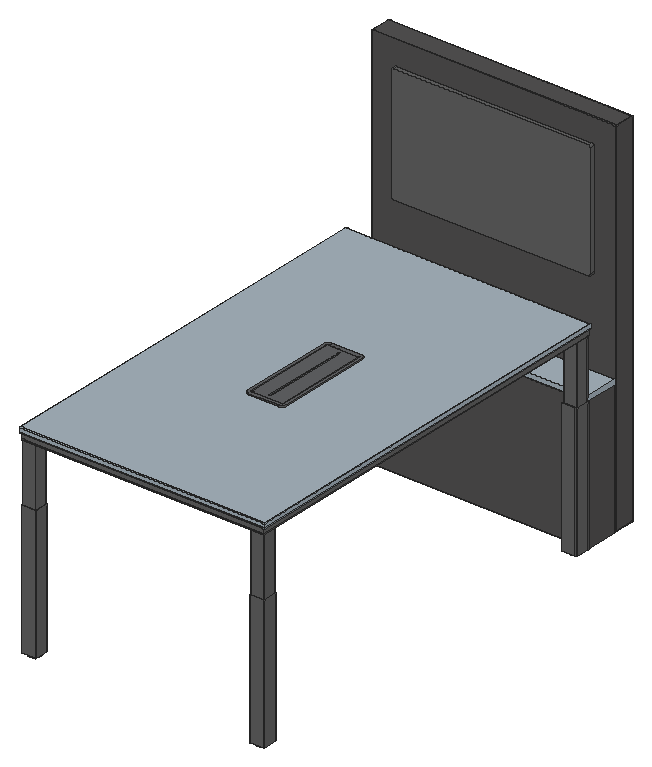
Revit family "DBLTD_TheSenatorGroup_OffcTbls_Play_AVMedia", category Furniture, Revit 2018
Family settings
  Work Plane-Based = No
  Always vertical = Yes
  Cut with Voids When Loaded = No
  Shared = Yes
  Room Calculation Point = No
Parameters (values of type "AV Media with Cutout 1200mm(w) x 2260mm(d) x 730-1220mm(h)")
  WorksurfaceArea = NominalLength * NominalDepth  # 2.712 m²
  WithCutout = yes
  WarrantyStartDate [instance] = "1900-12-31T23:59:59"
  WarrantyGuarantorParts = "15"
  WarrantyGuarantorLabor = "15"
  WarrantyDurationUnit = "Years"
  WarrantyDurationParts = "15"
  WarrantyDurationLabor = "15"
  WarrantyDescription = "Senator warrants that its manufactured products are free from manufacturing defects - in materials or workmanship - for a period of ten (10) years on Senator Seating ranges; and fifteen (15) years on Senator Desking ranges"
  Version = "1"  # constant formula
  Uniclass2015Version = "Products v1.9"
  Uniclass2015Title = "Office tables"
  Uniclass2015Code = "Pr_40_50_21_60"
  URL = "https://www.thesenatorgroup.com/"
  TagNumber [instance] = "n/a"
  TableTopThickness = 25 mm
  TableMaterial [instance] = TheSenatorGroup_Play_MFC_Denim
  TableHeight [instance] = 1000 mm
  SustainabilityPerformance = "Table top produced using FSC® certified timber"
  Style = "n/a"
  Size = "L 2260mm x  W 1200mm x  H 730-1220mm"
  Shape = "Rectangular"
  SerialNumber [instance] = "n/a"
  Revision = "n/a"
  ReplacementCost = "0"
  ProductInformation = "https://www.thesenatorgroup.com/"
  OmniClassVersion = "Table 22 2012-05-16"
  OmniClassTitle = "Office Tables"
  OmniClassCode = "22-12 51 23"
  NumberOfChairs = 5
  NominalWidth = 1200 mm
  NominalLength = NominalWidth  # 1200 mm
  NominalHeight = 1800 mm
  NominalDepth = 2260 mm
  Name = "OfficeTables_Play_AVMedia_TheSenatorGroup"
  NBSReference = "45-35-20/340"
  NBSDescription = "Office tables"
  NBSCertification = ""
  ModelReference = "AV Media with Cutout 1200mm(w) x 2260mm(d) x 730-1220mm(h)"
  ModelNumber = "PYPAE201250 + PYPIDP50AV or PYPIDP50AVS"
  Model = ModelNumber  # "PYPAE201250 + PYPIDP50AV or PYPIDP50AVS"
  Material = "MFC"
  ManufacturerURL = "https://www.thesenatorgroup.com/"
  ManufacturerName = "The Senator Group"
  Manufacturer = "The Senator Group"  # constant formula
  MainColor = "n/a"
  Keynote = "Pr_40_50_21_60"
  IntegralAccessories = "n/a"
  InstallationDate [instance] = "1900-12-31T23:59:59"
  IfcExportType = "TABLE"  # constant formula
  IfcExportAs = "IfcFurnitureType"  # constant formula
  Grade = "n/a"
  FramesColour = "Black"
  FrameSupports = "Adjustable"
  Finish = "HD Highland Oak, BH Beech, MP Maple, WH White, AT Autumn. WK Winter Oak, SO Strata Oak, MC Mocha, HW Hacienda White, DN Denim, LY Clay, LS Lemon Sorbet, LG Light Grey, CW Carini Walnut"
  Features = "Height Adjustable, with cutout for IDP"
  ExposedEdges = "Matching"
  ExpectedLife = "15"
  DurationUnit = "Years"
  DimensionsPlanSize = "1200 x 2260 mm"
  DimensionsHeight = "730 -1220mm"
  Description = "1200mm x 2260mm AV Media Table with Cutout"
  Cost = 0
  Constituents = "n/a"
  Color = "n/a"
  CodePerformance = "n/a"
  Category = "Pr_40_50_21_60:Office tables"
  BarCode [instance] = "n/a"
  BIMObjectName = "TheSenatorGroup_OfficeTables_Play_AVMedia"
  Author = "Diane Butterworth Ltd"  # constant formula
  AssetType = "Movable"
  AssetIdentifier [instance] = "n/a"
  AccessibilityPerformance = "n/a"
Types (3, lengths in mm): name | WithCutout | TableHeight | ModelReference | ModelNumber | Model | Features | Description
  (no name) | yes | 1000 | "AV Media with Cutout 1200mm(w) x 2260mm(d) x 730-1220mm(h)" | "PYPAE201250 + PYPIDP50AV or PYPIDP50AVS" | "PYPAE201250 + PYPIDP50AV or PYPIDP50AVS" | "Height Adjustable, with cutout for IDP" | "1200mm x 2260mm AV Media Table with Cutout"
  AV Media 1200mm(w) x 2260mm(d) x 730-1220mm(h) | no | 1200 | "AV Media 1200mm(w) x 2260mm(d) x 730-1220mm(h)" | "PYPAE2012" | "PYPAE2012" | "Height Adjustable" | "1200mm x 2260mm AV Media Table"
  AV Media with Cutout 1200mm(w) x 2260mm(d) x 730-1220mm(h) | yes | 1000 | "AV Media with Cutout 1200mm(w) x 2260mm(d) x 730-1220mm(h)" | "PYPAE201250 + PYPIDP50AV or PYPIDP50AVS" | "PYPAE201250 + PYPIDP50AV or PYPIDP50AVS" | "Height Adjustable, with cutout for IDP" | "1200mm x 2260mm AV Media Table with Cutout"
Reference planes
  plane 1 "n/a": y = 0
  plane 2: z = 0
  plane 3 "Center (Left/Right)": x = 0
  plane 4 "Top": z = 1000
  plane 5 "Edge1": x = -600
  plane 6 "Edge3": x = 600
  plane 7 "Edge2": y = 1130
  plane 8 "Edge4": y = -1130
  plane 9 "Edge23": y = 870
  plane 10 "Edge24": z = 975
  plane 11 "Edge25": z = 945
  plane 12: z = 7
  plane 13: z = 657
  plane 14: z = 1800
  plane 15: y = 1030
  plane 16: z = 617.1
Forms (mm)
  Extrusion 1, solid, material "TheSenatorGroup_Play_MFC_Denim" <- "TableMaterial"
    sketch origin (0, 0, 1000) x (-1, 0, 0) y (0, -1, 0)
      loop
        line (600, -870) -> (600, 1130) -> (-600, 1130) -> (-600, -870) -> (600, -870)
    from -25 to 0
  Extrusion 2, solid, material "TheSenatorGroup_Play_MetalFrame_Black"
    sketch origin (0, 0, 1000) x (-1, 0, 0) y (0, -1, 0)
      loop
        line (525, -795) -> (525, 1055) -> (-525, 1055) -> (-525, -795) -> (525, -795)
      loop
        line (595, -865) -> (595, 1125) -> (-595, 1125) -> (-595, -865) -> (595, -865)
    from -55 to -25
  Extrusion 3, solid, material "TheSenatorGroup_Play_MetalFrame_Black"
    sketch origin (0, 0, 1000) x (-1, 0, 0) y (0, -1, 0)
      loop
        arc (593, -865) -> (594.414, -864.414) -> (595, -863) r 2
        line (595, -863) -> (595, -797)
        arc (595, -797) -> (594.414, -795.586) -> (593, -795) r 2
        line (593, -795) -> (527, -795)
        arc (527, -795) -> (525.586, -795.586) -> (525, -797) r 2
        line (525, -797) -> (525, -863)
        arc (525, -863) -> (525.586, -864.414) -> (527, -865) r 2
        line (527, -865) -> (593, -865)
      loop
        line (-593, -865) -> (-527, -865)
        arc (-527, -865) -> (-525.586, -864.414) -> (-525, -863) r 2
        line (-525, -863) -> (-525, -797)
        arc (-525, -797) -> (-525.586, -795.586) -> (-527, -795) r 2
        line (-527, -795) -> (-593, -795)
        arc (-593, -795) -> (-594.414, -795.586) -> (-595, -797) r 2
        line (-595, -797) -> (-595, -863)
        arc (-595, -863) -> (-594.414, -864.414) -> (-593, -865) r 2
      loop
        line (593, 1125) -> (527, 1125)
        arc (527, 1125) -> (525.586, 1124.414) -> (525, 1123) r 2
        line (525, 1123) -> (525, 1057)
        arc (525, 1057) -> (525.586, 1055.586) -> (527, 1055) r 2
        line (527, 1055) -> (593, 1055)
        arc (593, 1055) -> (594.414, 1055.586) -> (595, 1057) r 2
        line (595, 1057) -> (595, 1123)
        arc (595, 1123) -> (594.414, 1124.414) -> (593, 1125) r 2
      loop
        arc (-593, 1125) -> (-594.414, 1124.414) -> (-595, 1123) r 2
        line (-595, 1123) -> (-595, 1057)
        arc (-595, 1057) -> (-594.414, 1055.586) -> (-593, 1055) r 2
        line (-593, 1055) -> (-527, 1055)
        arc (-527, 1055) -> (-525.586, 1055.586) -> (-525, 1057) r 2
        line (-525, 1057) -> (-525, 1123)
        arc (-525, 1123) -> (-525.586, 1124.414) -> (-527, 1125) r 2
        line (-527, 1125) -> (-593, 1125)
    from -343 to -993
  Sweep 4, void
    path in 3D
      loop
        line (-600, -1130, 1000) -> (600, -1130, 1000) -> (600, 870, 1000) -> (-600, 870, 1000) -> (-600, -1130, 1000)
    profile origin (-600, -130, 1000) x (1, 0, 0) y (0, 0, 1)
      loop
        line (0, 0) -> (0, -2)
        arc (0, -2) -> (0.586, -0.586) -> (2, 0) r 2
        line (2, 0) -> (0, 0)
      loop
        line (0, -25) -> (2, -25)
        arc (2, -25) -> (0.586, -24.414) -> (0, -23) r 2
        line (0, -23) -> (0, -25)
  Sweep 5, void
    path in 3D
      loop
        line (-595, 865, 945) -> (595, 865, 945) -> (595, -1125, 945) -> (-595, -1125, 945) -> (-595, 865, 945)
    profile origin (-595, -130, 945) x (1, 0, 0) y (0, 0, -1)
      loop
        line (0, -30) -> (2, -30)
        arc (2, -30) -> (0.586, -29.414) -> (0, -28) r 2
        line (0, -28) -> (0, -30)
      loop
        line (0, 0) -> (0, -2)
        arc (0, -2) -> (0.586, -0.586) -> (2, 0) r 2
        line (2, 0) -> (0, 0)
  Extrusion 6, solid, material "TheSenatorGroup_Play_MetalFrame_Black"
    sketch origin (0, 0, 1000) x (-1, 0, 0) y (0, -1, 0)
      loop
        arc (590.527, -862.027) -> (591.587, -861.588) -> (592.027, -860.527) r 1.5
        line (592.027, -860.527) -> (592.027, -799.5)
        arc (592.027, -799.5) -> (591.587, -798.439) -> (590.527, -798) r 1.5
        line (590.527, -798) -> (529.5, -798)
        arc (529.5, -798) -> (528.439, -798.439) -> (528, -799.5) r 1.5
        line (528, -799.5) -> (528, -860.527)
        arc (528, -860.527) -> (528.439, -861.588) -> (529.5, -862.027) r 1.5
        line (529.5, -862.027) -> (590.527, -862.027)
      loop
        line (-590.527, -862.027) -> (-529.5, -862.027)
        arc (-529.5, -862.027) -> (-528.439, -861.588) -> (-528, -860.527) r 1.5
        line (-528, -860.527) -> (-528, -799.5)
        arc (-528, -799.5) -> (-528.439, -798.439) -> (-529.5, -798) r 1.5
        line (-529.5, -798) -> (-590.527, -798)
        arc (-590.527, -798) -> (-591.587, -798.439) -> (-592.027, -799.5) r 1.5
        line (-592.027, -799.5) -> (-592.027, -860.527)
        arc (-592.027, -860.527) -> (-591.587, -861.588) -> (-590.527, -862.027) r 1.5
      loop
        line (590.527, 1122.027) -> (529.5, 1122.027)
        arc (529.5, 1122.027) -> (528.439, 1121.588) -> (528, 1120.527) r 1.5
        line (528, 1120.527) -> (528, 1059.5)
        arc (528, 1059.5) -> (528.439, 1058.439) -> (529.5, 1058) r 1.5
        line (529.5, 1058) -> (590.527, 1058)
        arc (590.527, 1058) -> (591.587, 1058.439) -> (592.027, 1059.5) r 1.5
        line (592.027, 1059.5) -> (592.027, 1120.527)
        arc (592.027, 1120.527) -> (591.587, 1121.588) -> (590.527, 1122.027) r 1.5
      loop
        arc (-590.527, 1122.027) -> (-591.587, 1121.588) -> (-592.027, 1120.527) r 1.5
        line (-592.027, 1120.527) -> (-592.027, 1059.5)
        arc (-592.027, 1059.5) -> (-591.587, 1058.439) -> (-590.527, 1058) r 1.5
        line (-590.527, 1058) -> (-529.5, 1058)
        arc (-529.5, 1058) -> (-528.439, 1058.439) -> (-528, 1059.5) r 1.5
        line (-528, 1059.5) -> (-528, 1120.527)
        arc (-528, 1120.527) -> (-528.439, 1121.588) -> (-529.5, 1122.027) r 1.5
        line (-529.5, 1122.027) -> (-590.527, 1122.027)
    from -343 to -55
  Extrusion 7, solid, material "TheSenatorGroup_Play_Wood_AnthraciteFinelineMetalic"
    sketch origin (0, 0, 1000) x (-1, 0, 0) y (0, -1, 0)
      loop
        line (600, -1130) -> (600, -1030) -> (-600, -1030) -> (-600, -1130) -> (600, -1130)
    from -985.489 to 800
  Sweep 8, void
    path in 3D
      loop
        line (-600, 1030, 14.511) -> (600, 1030, 14.511) -> (600, 1030, 1800) -> (-600, 1030, 1800) -> (-600, 1030, 14.511)
    profile origin (-600, 1030, 907.255) x (-1, 0, 0) y (0, -1, 0)
      loop
        line (0, 0) -> (-2, 0)
        arc (-2, 0) -> (-0.586, -0.586) -> (0, -2) r 2
        line (0, -2) -> (0, 0)
  Sweep 9, void
    path in 3D
      loop
        line (-600, 1130, 14.511) -> (600, 1130, 14.511) -> (600, 1130, 1800) -> (-600, 1130, 1800) -> (-600, 1130, 14.511)
    profile origin (-600, 1130, 907.255) x (-1, 0, 0) y (0, -1, 0)
      loop
        line (0, 0) -> (0, 2)
        arc (0, 2) -> (-0.586, 0.586) -> (-2, 0) r 2
        line (-2, 0) -> (0, 0)
  Extrusion 10, void
    sketch origin (0, 0, 0) x (1, 0, 0) y (0, 0, 1)
      loop
        line (-600, 1800) -> (-600, 1798)
        arc (-600, 1798) -> (-599.414, 1799.414) -> (-598, 1800) r 2
        line (-598, 1800) -> (-600, 1800)
      loop
        line (600, 1800) -> (598, 1800)
        arc (598, 1800) -> (599.414, 1799.414) -> (600, 1798) r 2
        line (600, 1798) -> (600, 1800)
      loop
        line (-600, 14.511) -> (-598, 14.511)
        arc (-598, 14.511) -> (-599.414, 15.096) -> (-600, 16.511) r 2
        line (-600, 16.511) -> (-600, 14.511)
      loop
        line (600, 14.511) -> (600, 16.511)
        arc (600, 16.511) -> (599.414, 15.096) -> (598, 14.511) r 2
        line (598, 14.511) -> (600, 14.511)
    from -1130 to -1030
  Extrusion 11, solid, material "TheSenatorGroup_Play_Wood_AnthraciteFinelineMetalic"
    sketch origin (0, -100, 1000) x (-1, 0, 0) y (0, -1, 0)
      loop
        line (592.3, -1130) -> (592.3, -965) -> (-592.027, -965) -> (-592.027, -1130) -> (592.3, -1130)
    from -993 to -343
  Sweep 12, void
    path in 3D
      loop
        line (592.027, 865, 657) -> (592.027, 865, 7) -> (-592.3, 865, 7) -> (-592.3, 865, 657) -> (592.027, 865, 657)
    profile origin (-0.137, 865, 657) x (0, 1, 0) y (0, 0, 1)
      loop
        line (0, 0) -> (0, -2)
        arc (0, -2) -> (0.586, -0.586) -> (2, 0) r 2
        line (2, 0) -> (0, 0)
      loop
        line (165, 0) -> (163, 0)
        arc (163, 0) -> (164.414, -0.586) -> (165, -2) r 2
        line (165, -2) -> (165, 0)
  Extrusion 13, solid, material "TheSenatorGroup_Play_MetalFrame_Black"
    sketch origin (0, 0, 280) x (1, 0, 0) y (0, 0, 1)
      loop
        line (-145, 488.777) -> (145, 488.777) -> (145, 695) -> (143, 695) -> (143, 633.777) -> (-143, 633.777) -> (-143, 695) -> (-145, 695) -> (-145, 488.777)
    from -795 to 587.492
  Extrusion 14, solid, material "TheSenatorGroup_Play_MetalFrame_Black", not visible
    sketch origin (0, 0, 10) x (1, 0, 0) y (0, 0, 1)
      loop
        line (-145, 488.777) -> (145, 488.777) -> (145, 695) -> (143, 695) -> (143, 633.777) -> (-143, 633.777) -> (-143, 695) -> (-145, 695) -> (-145, 488.777)
    from -795 to 587.492
  Extrusion 15, solid, material "TheSenatorGroup_Play_MetalFrame_Black"
    sketch origin (0, 1148, 0) x (1, 0, 0) y (0, 0, 1)
      loop
        arc (-478.062, 1681.156) -> (-485.133, 1678.227) -> (-488.062, 1671.156) r 10
        line (-488.062, 1671.156) -> (-488.062, 1114.849)
        arc (-488.062, 1114.849) -> (-485.133, 1107.778) -> (-478.062, 1104.849) r 10
        line (-478.062, 1104.849) -> (478.062, 1104.849)
        arc (478.062, 1104.849) -> (485.133, 1107.778) -> (488.062, 1114.849) r 10
        line (488.062, 1114.849) -> (488.062, 1671.156)
        arc (488.062, 1671.156) -> (485.133, 1678.227) -> (478.062, 1681.156) r 10
        line (478.062, 1681.156) -> (-478.062, 1681.156)
    from 118 to 138.2
  Revolve 16, solid, material "Black"
    sketch origin (-537, 0, 0) x (0, 1, 0) y (0, 0, 1)
      loop
        line (1078.5, 0) -> (1078.5, 16) -> (1068.695, 16) -> (1039.279, 6.2) -> (1039.279, 0) -> (1078.5, 0)
      axis (1078.5, 16) -> (1078.5, 0)
    angle from 0 to 360
  Revolve 17, solid, material "Black"
    sketch origin (537, 0, 0) x (0, 1, 0) y (0, 0, -1)
      loop
        line (1078.5, 0) -> (1039.279, 0) -> (1039.279, -6.2) -> (1068.695, -16) -> (1078.5, -16) -> (1078.5, 0)
      axis (1078.5, -16) -> (1078.5, 0)
    angle from 0 to 360
  Revolve 18, solid, material "Black"
    sketch origin (-513.5, -177.5, 0) x (0, 1, 0) y (0, 0, 1)
      loop
        line (1078.5, 0) -> (1078.5, 10) -> (1067.25, 10) -> (1053.5, 4) -> (1053.5, 0) -> (1078.5, 0)
      axis (1078.5, 10) -> (1078.5, 0)
    angle from 0 to 360
  Revolve 19, solid, material "Black"
    sketch origin (513.5, -177.5, 0) x (0, 1, 0) y (0, 0, -1)
      loop
        line (1078.5, 0) -> (1053.5, 0) -> (1053.5, -4) -> (1067.25, -10) -> (1078.5, -10) -> (1078.5, 0)
      axis (1078.5, -10) -> (1078.5, 0)
    angle from 0 to 360
  Revolve 20, solid, material "Black"
    sketch origin (560.013, -244.215, 0) x (0, 1, 0) y (0, 0, -1)
      loop
        line (1074.243, 0) -> (1045.243, 0) -> (1045.243, -9.5) -> (1074.243, -9.5) -> (1074.243, 0)
      axis (1074.243, -9.5) -> (1074.243, 0)
    angle from 0 to 360
  Revolve 21, solid, material "Black"
    sketch origin (-560.013, -244.215, 0) x (0, 1, 0) y (0, 0, 1)
      loop
        line (1074.243, 0) -> (1074.243, 9.5) -> (1045.243, 9.5) -> (1045.243, 0) -> (1074.243, 0)
      axis (1074.243, 9.5) -> (1074.243, 0)
    angle from 0 to 360
  Revolve 22, solid, material "Black"
    sketch origin (560.013, -2164.243, 0) x (0, 1, 0) y (0, 0, -1)
      loop
        line (1074.243, 0) -> (1045.243, 0) -> (1045.243, -9.5) -> (1074.243, -9.5) -> (1074.243, 0)
      axis (1074.243, -9.5) -> (1074.243, 0)
    angle from 0 to 360
  Revolve 23, solid, material "Black"
    sketch origin (-560.013, -2164.243, 0) x (0, 1, 0) y (0, 0, 1)
      loop
        line (1074.243, 0) -> (1074.243, 9.5) -> (1045.243, 9.5) -> (1045.243, 0) -> (1074.243, 0)
      axis (1074.243, 9.5) -> (1074.243, 0)
    angle from 0 to 360
  Extrusion 24, solid, material "Black", visible <- "WithCutout"
    sketch origin (0, 0, 725) x (-1, 0, 0) y (0, -1, 0)
      loop
        arc (74.719, -121.5) -> (88.861, -115.642) -> (94.719, -101.5) r 20
        line (94.719, -101.5) -> (94.719, 362.5)
        arc (94.719, 362.5) -> (88.861, 376.642) -> (74.719, 382.5) r 20
        line (74.719, 382.5) -> (-74.719, 382.5)
        arc (-74.719, 382.5) -> (-88.861, 376.642) -> (-94.719, 362.5) r 20
        line (-94.719, 362.5) -> (-94.719, -101.5)
        arc (-94.719, -101.5) -> (-88.861, -115.642) -> (-74.719, -121.5) r 20
        line (-74.719, -121.5) -> (74.719, -121.5)
    from 275 to 280
  Extrusion 25, void
    sketch origin (0, 0, 730) x (-1, 0, 0) y (0, -1, 0)
      loop
        line (79.719, -101.5) -> (79.719, 362.5)
        arc (79.719, 362.5) -> (78.255, 366.035) -> (74.719, 367.5) r 5
        line (74.719, 367.5) -> (-74.719, 367.5)
        arc (-74.719, 367.5) -> (-78.255, 366.035) -> (-79.719, 362.5) r 5
        line (-79.719, 362.5) -> (-79.719, -101.5)
        arc (-79.719, -101.5) -> (-78.255, -105.036) -> (-74.719, -106.5) r 5
        line (-74.719, -106.5) -> (74.719, -106.5)
        arc (74.719, -106.5) -> (78.255, -105.036) -> (79.719, -101.5) r 5
      loop
        line (76.719, -101.5) -> (76.719, 362.5)
        arc (76.719, 362.5) -> (76.133, 363.914) -> (74.719, 364.5) r 2
        line (74.719, 364.5) -> (-74.719, 364.5)
        arc (-74.719, 364.5) -> (-76.133, 363.914) -> (-76.719, 362.5) r 2
        line (-76.719, 362.5) -> (-76.719, -101.5)
        arc (-76.719, -101.5) -> (-76.133, -102.914) -> (-74.719, -103.5) r 2
        line (-74.719, -103.5) -> (74.719, -103.5)
        arc (74.719, -103.5) -> (76.133, -102.914) -> (76.719, -101.5) r 2
      loop
        line (7, -82) -> (7, 343) -> (-7, 343) -> (-7, -82) -> (7, -82)
    from 272.503 to 275
  Extrusion 26, solid, material "TheSenatorGroup_Play_MetalFrame_Black"
    sketch origin (0, 0, 730) x (-1, 0, 0) y (0, -1, 0)
      loop
        line (588.5, -795) -> (588.5, -791) -> (523, -791)
        arc (523, -791) -> (521.586, -791.586) -> (521, -793) r 2
        line (521, -793) -> (521, -859)
        arc (521, -859) -> (520.414, -860.414) -> (519, -861) r 2
        line (519, -861) -> (478.5, -861) -> (478.5, -865) -> (525, -865) -> (525, -795) -> (588.5, -795)
      loop
        line (-588.5, -795) -> (-525, -795) -> (-525, -865) -> (-478.5, -865) -> (-478.5, -861) -> (-519, -861)
        arc (-519, -861) -> (-520.414, -860.414) -> (-521, -859) r 2
        line (-521, -859) -> (-521, -793)
        arc (-521, -793) -> (-521.586, -791.586) -> (-523, -791) r 2
        line (-523, -791) -> (-588.5, -791) -> (-588.5, -795)
    from -723 to -73
  Extrusion 27, solid, material "TheSenatorGroup_Play_MFC_Denim" <- "TableMaterial"
    sketch origin (0, 160, 682) x (-1, 0, 0) y (0, -1, 0)
      loop
        line (592.3, -870) -> (592.3, -705) -> (-592.3, -705) -> (-592.3, -870) -> (592.3, -870)
    from -25 to 0
  Extrusion 28, solid, material "TheSenatorGroup_Play_MetalFrame_Black", not visible
    sketch origin (0, 1148, 0) x (1, 0, 0) y (0, 0, 1)
      loop
        arc (-478.062, 1681.156) -> (-485.133, 1678.227) -> (-488.062, 1671.156) r 10
        line (-488.062, 1671.156) -> (-488.062, 1114.849)
        arc (-488.062, 1114.849) -> (-485.133, 1107.778) -> (-478.062, 1104.849) r 10
        line (-478.062, 1104.849) -> (478.062, 1104.849)
        arc (478.062, 1104.849) -> (485.133, 1107.778) -> (488.062, 1114.849) r 10
        line (488.062, 1114.849) -> (488.062, 1671.156)
        arc (488.062, 1671.156) -> (485.133, 1678.227) -> (478.062, 1681.156) r 10
        line (478.062, 1681.156) -> (-478.062, 1681.156)
    from 118 to 138.2
Cuts and joins
  Sweep 4, Sweep 5 cuts Extrusion 1
  Sweep 5 cuts Extrusion 2
  Sweep 8, Sweep 9, Extrusion 10 cuts Extrusion 7
  Sweep 12 cuts Extrusion 3
  Sweep 12 cuts Extrusion 11
  Extrusion 25 cuts Extrusion 24
Lines and regions (mm)
  sketch lines
    curve 1: line (-600, 870, 1000) -> (-600, -1130, 1000)
    curve 2: line (600, 870, 1000) -> (-600, 870, 1000)
    curve 3: line (600, -1130, 1000) -> (600, 870, 1000)
    curve 4: line (-600, -1130, 1000) -> (600, -1130, 1000)
    curve 5: line (-595, -1125, 945) -> (-595, 865, 945)
    curve 6: line (595, -1125, 945) -> (-595, -1125, 945)
    curve 7: line (-595, 865, 945) -> (595, 865, 945)
    curve 8: line (595, 865, 945) -> (595, -1125, 945)
    curve 9: line (-600, 1030, 1800) -> (-600, 1030, 14.511)
    curve 10: line (-600, 1030, 1800) -> (600, 1030, 1800)
    curve 11: line (600, 1030, 1800) -> (600, 1030, 14.511)
    curve 12: line (600, 1030, 14.511) -> (-600, 1030, 14.511)
    curve 13: line (-600, 1130, 1800) -> (-600, 1130, 14.511)
    curve 14: line (-600, 1130, 1800) -> (600, 1130, 1800)
    curve 15: line (600, 1130, 1800) -> (600, 1130, 14.511)
    curve 16: line (600, 1130, 14.511) -> (-600, 1130, 14.511)
    curve 17: line (-592.3, 865, 657) -> (592.027, 865, 657)
    curve 18: line (-592.3, 865, 657) -> (-592.3, 865, 7)
    curve 19: line (592.027, 865, 7) -> (-592.3, 865, 7)
    curve 20: line (592.027, 865, 657) -> (592.027, 865, 7)
Dimensions and locks
  "TableHeight": plane 4 "Top" to level
  equal spacing: plane 5 "Edge1", plane 3 "Center (Left/Right)", plane 6 "Edge3"
  "NominalWidth": plane 5 "Edge1" to plane 6 "Edge3"
  equal spacing: plane 8 "Edge4", plane 1 "n/a", plane 7 "Edge2"
  "NominalDepth": plane 7 "Edge2" to plane 8 "Edge4"
  plane 9 "Edge23" to plane 8 "Edge4" = 2000 mm
  "TableTopThickness": plane 4 "Top" to plane 10 "Edge24"
  locked: plane 10 "Edge24" to plane 11 "Edge25" at 30
  plane 13 to plane 12 = 650 mm
  locked: cut or joined group of Extrusion 24, Extrusion 25 to plane 4 "Top" at 5
  locked: cut or joined group of Extrusion 24, Extrusion 25 to cut or joined group of Extrusion 24, Extrusion 25 at 2.503
  locked: Extrusion 27 to plane 13 at 25
  locked: plane 14 to Extrusion 15 at 118.844
  aligned and locked: level to plane 2
  aligned and locked: Extrusion 1 sketch curve to plane 9 "Edge23"
  aligned and locked: plane 5 "Edge1" to Extrusion 1 sketch curve
  aligned and locked: plane 8 "Edge4" to Extrusion 1 sketch curve
  aligned and locked: Extrusion 1 sketch curve to plane 6 "Edge3"
  aligned and locked: Extrusion 1 to plane 4 "Top"
  aligned and locked: Extrusion 1 to plane 10 "Edge24"
  aligned and locked: Extrusion 2 to plane 11 "Edge25"
  aligned and locked: plane 10 "Edge24" to Extrusion 2
  aligned and locked: plane 13 to Extrusion 3
  aligned and locked: Extrusion 6 to Extrusion 3
  aligned and locked: plane 11 "Edge25" to Extrusion 6
  aligned and locked: Extrusion 3 to plane 12
  aligned and locked: plane 10 "Edge24" to Extrusion 13
  aligned and locked: cut or joined group of Extrusion 24, Extrusion 25 to plane 4 "Top"
  aligned and locked: plane 14 to cut or joined group of Extrusion 7, Sweep 8, Sweep 9, Extrusion 10
  aligned and locked: cut or joined group of Extrusion 11, Sweep 12 to plane 12
  aligned and locked: Extrusion 7 to Sweep 9
  aligned and locked: cut or joined group of Extrusion 24, Extrusion 25 to Extrusion 25
  aligned and locked: Extrusion 26 to cut or joined group of Extrusion 11, Sweep 12
  aligned and locked: plane 13 to cut or joined group of Extrusion 11, Sweep 12
  aligned and locked: Extrusion 27 to plane 13
Automatic sketch dimensions
  Extrusion 13 sketch curve to Extrusion 13 sketch curve = 2 mm  (x2)
  Extrusion 13 sketch curve to Extrusion 13 sketch curve = 145 mm
  Extrusion 13 sketch curve to Extrusion 13 sketch curve = 286 mm
  Extrusion 13 sketch curve to Extrusion 13 sketch curve = 61.223 mm  (x2)
  Extrusion 14 sketch curve to Extrusion 14 sketch curve = 2 mm  (x2)
  Extrusion 14 sketch curve to Extrusion 14 sketch curve = 145 mm
  Extrusion 14 sketch curve to Extrusion 14 sketch curve = 286 mm
  Extrusion 14 sketch curve to Extrusion 14 sketch curve = 61.223 mm  (x2)
  Extrusion 2 sketch curve to plane 6 "Edge3" = 5 mm
  Extrusion 2 sketch curve to plane 6 "Edge3" = 75 mm
  plane 5 "Edge1" to Extrusion 2 sketch curve = 75 mm
  plane 5 "Edge1" to Extrusion 2 sketch curve = 5 mm
  Extrusion 2 sketch curve to plane 9 "Edge23" = 5 mm
  Extrusion 2 sketch curve to plane 9 "Edge23" = 75 mm
  plane 8 "Edge4" to Extrusion 2 sketch curve = 75 mm
  plane 8 "Edge4" to Extrusion 2 sketch curve = 5 mm
  Extrusion 3 sketch curve to plane 6 "Edge3" = 5 mm  (x2)
  Extrusion 3 sketch curve to Extrusion 3 sketch curve = 2 mm  (x12)
  Extrusion 3 sketch curve to plane 9 "Edge23" = 5 mm  (x2)
  Extrusion 3 sketch curve to Extrusion 3 sketch curve = 66 mm  (x6)
  plane 8 "Edge4" to Extrusion 3 sketch curve = 5 mm
  plane 5 "Edge1" to Extrusion 3 sketch curve = 75 mm  (x2)
  plane 5 "Edge1" to Extrusion 3 sketch curve = 7 mm  (x4)
  Extrusion 3 sketch curve to Extrusion 3 sketch curve = 68 mm
  plane 8 "Edge4" to Extrusion 3 sketch curve = 75 mm
  plane 8 "Edge4" to Extrusion 3 sketch curve = 7 mm
  profile plane to Sweep 4 sketch curve = 0 mm  (x4)
  Sweep 4 sketch curve to profile plane = 0 mm  (x2)
  Sweep 4 sketch curve to Sweep 4 sketch curve = 2 mm  (x3)
  Sweep 4 sketch curve to Sweep 4 sketch curve = 21 mm
  Sweep 4 sketch curve to Sweep 4 sketch curve = 0 mm  (x4)
  profile plane to Sweep 5 sketch curve = 0 mm  (x4)
  Sweep 5 sketch curve to profile plane = 0 mm  (x2)
  Sweep 5 sketch curve to profile plane = 2 mm
  Sweep 5 sketch curve to Sweep 5 sketch curve = 2 mm  (x2)
  Sweep 5 sketch curve to Sweep 5 sketch curve = 26 mm
  Sweep 5 sketch curve to Sweep 5 sketch curve = 0 mm  (x4)
  Extrusion 6 sketch curve to plane 6 "Edge3" = 7.973 mm  (x2)
  Extrusion 6 sketch curve to Extrusion 6 sketch curve = 1.5 mm  (x12)
  Extrusion 6 sketch curve to plane 9 "Edge23" = 7.973 mm
  Extrusion 6 sketch curve to Extrusion 6 sketch curve = 61.027 mm  (x6)
  plane 8 "Edge4" to Extrusion 6 sketch curve = 9.473 mm  (x2)
  Extrusion 6 sketch curve to plane 9 "Edge23" = 9.473 mm
  plane 5 "Edge1" to Extrusion 6 sketch curve = 72 mm  (x2)
  plane 5 "Edge1" to Extrusion 6 sketch curve = 9.473 mm  (x4)
  Extrusion 6 sketch curve to Extrusion 6 sketch curve = 62.527 mm
  plane 8 "Edge4" to Extrusion 6 sketch curve = 72 mm
  Extrusion 7 sketch curve to plane 6 "Edge3" = 0 mm
  Extrusion 7 sketch curve to plane 5 "Edge1" = 0 mm
  plane 7 "Edge2" to Extrusion 7 sketch curve = 0 mm
  Extrusion 7 sketch curve to plane 15 = 0 mm
  Sweep 8 sketch curve to profile plane = 0 mm  (x4)
  profile plane to Sweep 8 sketch curve = 2 mm
  Sweep 8 sketch curve to Sweep 8 sketch curve = 0 mm  (x2)
  Sweep 9 sketch curve to profile plane = 0 mm  (x4)
  Sweep 9 sketch curve to profile plane = 2 mm
  Sweep 9 sketch curve to Sweep 9 sketch curve = 0 mm  (x2)
  Extrusion 10 sketch curve to plane 5 "Edge1" = 0 mm  (x4)
  Extrusion 10 sketch curve to plane 14 = 0 mm  (x4)
  Extrusion 10 sketch curve to plane 6 "Edge3" = 0 mm  (x4)
  plane 5 "Edge1" to Extrusion 10 sketch curve = 2 mm
  Extrusion 10 sketch curve to Extrusion 10 sketch curve = 2 mm  (x3)
  Extrusion 10 sketch curve to plane 6 "Edge3" = 2 mm
  plane 12 to Extrusion 10 sketch curve = 9.511 mm  (x2)
  Extrusion 10 sketch curve to Extrusion 10 sketch curve = 0 mm  (x9)
  Extrusion 11 sketch curve to plane 6 "Edge3" = 7.973 mm
  plane 5 "Edge1" to Extrusion 11 sketch curve = 7.7 mm
  Extrusion 11 sketch curve to plane 15 = 0 mm
  Extrusion 11 sketch curve to plane 9 "Edge23" = 5 mm
  Sweep 12 sketch curve to profile plane = 0 mm  (x6)
  Sweep 12 sketch curve to profile plane = 2 mm  (x2)
  Sweep 12 sketch curve to Sweep 12 sketch curve = 161 mm
  Sweep 12 sketch curve to Sweep 12 sketch curve = 0 mm  (x5)
  Extrusion 15 sketch curve to Extrusion 15 sketch curve = 10 mm  (x3)
  Revolve 16 sketch curve to level = 0 mm
  Revolve 16 sketch curve to plane 12 = 0.8 mm
  plane 15 to Revolve 16 sketch curve = 9.279 mm
  plane 12 to Revolve 16 sketch curve = 9 mm
  Revolve 16 sketch curve to Revolve 16 sketch curve = 29.416 mm
  Revolve 16 sketch curve to Revolve 16 sketch curve = 9.805 mm
  Revolve 16 sketch curve to Revolve 16 sketch curve = 0 mm  (x2)
  Revolve 16 sketch curve to Revolve 16 sketch curve = 2.23 mm
  Revolve 17 sketch curve to level = 0 mm
  Revolve 17 sketch curve to plane 12 = 0.8 mm
  plane 15 to Revolve 17 sketch curve = 9.279 mm
  plane 12 to Revolve 17 sketch curve = 9 mm
  Revolve 17 sketch curve to Revolve 17 sketch curve = 29.416 mm
  Revolve 17 sketch curve to Revolve 17 sketch curve = 9.805 mm
  Revolve 17 sketch curve to Revolve 17 sketch curve = 0 mm  (x2)
  Revolve 17 sketch curve to Revolve 17 sketch curve = 2.23 mm
  Revolve 18 sketch curve to level = 0 mm
  Revolve 18 sketch curve to plane 12 = 3 mm
  plane 9 "Edge23" to Revolve 18 sketch curve = 6 mm
  plane 12 to Revolve 18 sketch curve = 3 mm
  Revolve 18 sketch curve to Revolve 18 sketch curve = 13.75 mm
  Revolve 18 sketch curve to Revolve 18 sketch curve = 11.25 mm
  Revolve 18 sketch curve to Revolve 18 sketch curve = 0 mm
  Revolve 18 sketch curve to Revolve 18 sketch curve = 3.77 mm
  Revolve 18 sketch curve to Revolve 18 sketch curve = 2.23 mm
  Revolve 19 sketch curve to level = 0 mm
  Revolve 19 sketch curve to plane 12 = 3 mm
  plane 9 "Edge23" to Revolve 19 sketch curve = 6 mm
  plane 12 to Revolve 19 sketch curve = 3 mm
  Revolve 19 sketch curve to Revolve 19 sketch curve = 13.75 mm
  Revolve 19 sketch curve to Revolve 19 sketch curve = 11.25 mm
  Revolve 19 sketch curve to Revolve 19 sketch curve = 0 mm
  Revolve 19 sketch curve to Revolve 19 sketch curve = 3.77 mm
  Revolve 19 sketch curve to Revolve 19 sketch curve = 2.23 mm
  Revolve 20 sketch curve to level = 0 mm
  Revolve 20 sketch curve to plane 9 "Edge23" = 68.973 mm
  Revolve 20 sketch curve to Revolve 20 sketch curve = 29 mm
  plane 12 to Revolve 20 sketch curve = 2.5 mm
  Revolve 20 sketch curve to Revolve 20 sketch curve = 0 mm  (x2)
  Revolve 20 sketch curve to plane 12 = 0.926 mm
  Revolve 21 sketch curve to level = 0 mm
  Revolve 21 sketch curve to plane 9 "Edge23" = 68.973 mm
  Revolve 21 sketch curve to Revolve 21 sketch curve = 29 mm
  plane 12 to Revolve 21 sketch curve = 2.5 mm
  Revolve 21 sketch curve to Revolve 21 sketch curve = 0 mm  (x2)
  Revolve 21 sketch curve to plane 12 = 0.926 mm
  Revolve 22 sketch curve to level = 0 mm
  plane 8 "Edge4" to Revolve 22 sketch curve = 11 mm
  Revolve 22 sketch curve to Revolve 22 sketch curve = 29 mm
  plane 12 to Revolve 22 sketch curve = 2.5 mm
  Revolve 22 sketch curve to Revolve 22 sketch curve = 0 mm  (x2)
  Revolve 22 sketch curve to plane 12 = 0.926 mm
  Revolve 23 sketch curve to level = 0 mm
  plane 8 "Edge4" to Revolve 23 sketch curve = 11 mm
  Revolve 23 sketch curve to Revolve 23 sketch curve = 29 mm
  plane 12 to Revolve 23 sketch curve = 2.5 mm
  Revolve 23 sketch curve to Revolve 23 sketch curve = 0 mm  (x2)
  Revolve 23 sketch curve to plane 12 = 0.926 mm
  plane 3 "Center (Left/Right)" to Extrusion 24 sketch curve = 94.719 mm
  Extrusion 24 sketch curve to Extrusion 24 sketch curve = 20 mm  (x3)
  Extrusion 24 sketch curve to plane 3 "Center (Left/Right)" = 74.719 mm  (x2)
  Extrusion 24 sketch curve to plane 1 "n/a" = 121.5 mm
  plane 1 "n/a" to Extrusion 24 sketch curve = 362.5 mm
  Extrusion 25 sketch curve to Extrusion 25 sketch curve = 0 mm  (x8)
  plane 3 "Center (Left/Right)" to Extrusion 25 sketch curve = 79.719 mm
  Extrusion 25 sketch curve to Extrusion 25 sketch curve = 3 mm
  Extrusion 25 sketch curve to Extrusion 25 sketch curve = 2 mm  (x3)
  plane 3 "Center (Left/Right)" to Extrusion 25 sketch curve = 7 mm
  Extrusion 25 sketch curve to plane 3 "Center (Left/Right)" = 7 mm
  Extrusion 25 sketch curve to Extrusion 25 sketch curve = 67.719 mm  (x2)
  Extrusion 25 sketch curve to plane 1 "n/a" = 106.5 mm
  Extrusion 25 sketch curve to Extrusion 25 sketch curve = 19.5 mm  (x2)
  plane 1 "n/a" to Extrusion 25 sketch curve = 343 mm
  Extrusion 26 sketch curve to plane 6 "Edge3" = 11.5 mm
  Extrusion 26 sketch curve to Extrusion 26 sketch curve = 63.5 mm
  Extrusion 26 sketch curve to Extrusion 26 sketch curve = 2 mm  (x7)
  Extrusion 26 sketch curve to Extrusion 26 sketch curve = 4 mm  (x2)
  Extrusion 26 sketch curve to plane 9 "Edge23" = 5 mm  (x2)
  Extrusion 26 sketch curve to Extrusion 26 sketch curve = 40.5 mm  (x2)
  Extrusion 26 sketch curve to plane 9 "Edge23" = 9 mm
  plane 5 "Edge1" to Extrusion 26 sketch curve = 121.5 mm
  plane 5 "Edge1" to Extrusion 26 sketch curve = 11.5 mm
  Extrusion 26 sketch curve to Extrusion 26 sketch curve = 64 mm  (x2)
  Extrusion 27 sketch curve to plane 6 "Edge3" = 7.7 mm
  plane 5 "Edge1" to Extrusion 27 sketch curve = 7.7 mm
  Extrusion 27 sketch curve to plane 9 "Edge23" = 5 mm
  Extrusion 27 sketch curve to plane 15 = 0 mm
  Extrusion 15 sketch curve to Extrusion 15 sketch curve = 956.125 mm
  Extrusion 15 sketch curve to Extrusion 15 sketch curve = 0 mm
  Extrusion 15 sketch curve to Extrusion 15 sketch curve = 556.307 mm
  Extrusion 28 sketch curve to Extrusion 28 sketch curve = 10 mm  (x3)
  Extrusion 28 sketch curve to Extrusion 28 sketch curve = 956.125 mm
  Extrusion 28 sketch curve to Extrusion 28 sketch curve = 0 mm
  Extrusion 28 sketch curve to Extrusion 28 sketch curve = 556.307 mm
